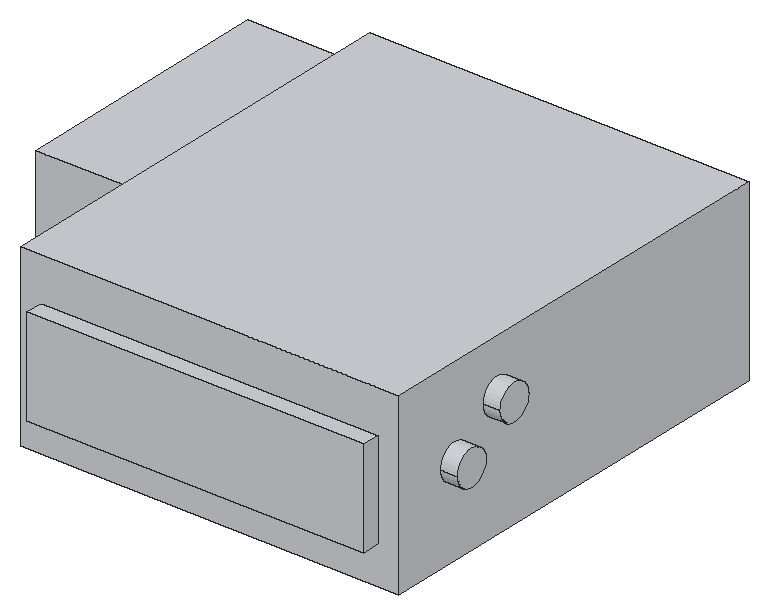
Revit family "1f82b460187c41e49e72b3e3ece65920", category Mechanical Equipment, Revit 2021
Family settings
  Round Connector Dimension = Use Radius
  Part Type = Normal
  OmniClass Number = 23.75.70.17.34
  OmniClass Title = Unit Heaters
  Seek Item ID = Unit Heater - Cabinet - Horizontal Concealed-0000-USA-ENU
  Work Plane-Based = No
  Always vertical = Yes
  Cut with Voids When Loaded = No
  Shared = No
  Room Calculation Point = No
Parameters (values of type "20 MBH")
  Water Supply Temperature [instance] = 200 °F
  Water Pressure Drop [instance] = 50.00 psi
  Water Flow [instance] = 2 GPM
  Outlet Width = Discharge Grille Length  # 18"
  Outlet Height = Discharge Grille Height  # 3"
  Inlet Width = Inlet Grille Length  # 19"
  Inlet Height = Inlet Grille Height  # 5 1/2"
  Inlet Grille Length = 1' - 7"
  Inlet Grille Height = 0' - 5 1/2"
  Inlet Grille Half Length = Inlet Grille Length * 1 / 2  # 0' - 9 1/2"
  Inlet Grille Half Height = Inlet Grille Height * 1 / 2  # 0' - 2 3/4"
  Inlet Radius = 1"
  Inlet Diameter = Inlet Radius * 2  # 2"
  Outlet Radius = 1"
  Outlet Diameter = Outlet Radius * 2  # 2"
  Heating Load [instance] = 20000.0 Btu/h
  Heater Material = none
  Heater Length = 1' - 9 3/8"
  Heater Height = 0' - 10 1/16"
  Discharge Grille Length = 1' - 6"
  Discharge Grille Height = 0' - 3"
  Discharge Grille Half Length = Discharge Grille Length * 1 / 2  # 0' - 9"
  Discharge Grille Half Height = Discharge Grille Height * 1 / 2  # 0' - 1 1/2"
  Default Elevation = 0' - 0"
  Assembly Code = ""
  Air Flow [instance] = 335 CFM
Types (5): name | Water Flow | Outlet Width | Inlet Width | Inlet Grille Length | Inlet Grille Half Length | Heating Load | Heater Length | Discharge Grille Length | Discharge Grille Half Length | Air Flow
  20 MBH | 2 GPM | 18" | 19" | 1' - 7" | 0' - 9 1/2" | 20000.0 Btu/h | 1' - 9 3/8" | 1' - 6" | 0' - 9" | 335 CFM
  80 MBH | 8 GPM | 60" | 62" | 5' - 2" | 2' - 7" | 80000.0 Btu/h | 5' - 3 3/8" | 5' - 0" | 2' - 6" | 1410 CFM
  30 MBH | 3 GPM | 22" | 24" | 2' - 0" | 1' - 0" | 30000.0 Btu/h | 2' - 2 3/8" | 1' - 10" | 0' - 11" | 430 CFM
  40 MBH | 5 GPM | 32" | 34" | 2' - 10" | 1' - 5" | 40000.0 Btu/h | 2' - 11 7/8" | 2' - 8" | 1' - 4" | 630 CFM
  50 MBH | 5 GPM | 40" | 42" | 3' - 6" | 1' - 9" | 50000.0 Btu/h | 3' - 8 3/8" | 3' - 4" | 1' - 8" | 860 CFM
Reference planes (in)
  plane 1 "Center (Front/Back)": y = 0
  plane 2: z = 0
  plane 3 "Center (Left/Right)": x = 0
  plane 4: x = -21.375
  plane 5: y = 24.625
  plane 6: y = 25.625
  plane 7: x = -10.6875
  plane 8: x = -19.6875
  plane 9: x = -1.6875
  plane 10: z = 9.0625
  plane 11: z = 6.0625
  plane 12: y = -1
  plane 13: x = -20.1875
  plane 14: x = -1.1875
  plane 15 "IGH": z = 4.875
  plane 16: z = 7.625
  plane 17: z = 2.125
  plane 18: y = 3.875
  plane 19: y = 6.875
  plane 20: x = 1
  plane 21 "Hydronic Return": z = 7.0625
  plane 22 "Hydronic Supply": z = 5.0625
  plane 23: x = -26.625
  plane 24: y = 22.625
  plane 25: y = 7.625
  plane 26: z = 2.125
  plane 27: z = 9.75
  plane 28: z = 10.0625
  plane 29: y = 7.875
  plane 30: y = 5.875
  plane 31: y = 4.875
  plane 32: y = 2.875
  plane 33 "DGH": z = 7.5625
Forms (in)
  Extrusion 1, solid, material <- "Heater Material"
    sketch origin (0, 0, 0) x (1, 0, 0) y (0, 1, 0)
      loop
        line (-21.375, 24.625) -> (-21.375, 0) -> (0, 0) -> (0, 24.625) -> (-21.375, 24.625)
    from 0 to 10.0625
  Extrusion 2, solid, material <- "Heater Material", detail levels fine
    sketch origin (0, 0, 0) x (1, 0, 0) y (0, 1, 0)
      loop
        line (-19.6875, 25.625) -> (-19.6875, 24.625) -> (-1.6875, 24.625) -> (-1.6875, 25.625) -> (-19.6875, 25.625)
    from 6.0625 to 9.0625
  Extrusion 3, solid, material <- "Heater Material", detail levels fine
    sketch origin (0, 0, 0) x (1, 0, 0) y (0, 1, 0)
      loop
        line (-20.1875, 0) -> (-20.1875, -1) -> (-1.1875, -1) -> (-1.1875, 0) -> (-20.1875, 0)
    from 2.125 to 7.625
  Extrusion 4, solid, material <- "Heater Material", detail levels fine
    sketch origin (0, 0, 0) x (0, 1, 0) y (0, 0, 1)
      loop
        circle (3.875, 5.0625) r 1
    from 0 to 1
  Extrusion 5, solid, material <- "Heater Material", detail levels fine
    sketch origin (0, 0, 0) x (0, 1, 0) y (0, 0, 1)
      loop
        circle (6.875, 7.0625) r 1
    from 0 to 1
  Extrusion 6, solid, material <- "Heater Material"
    sketch origin (0, 0, 0) x (1, 0, 0) y (0, 1, 0)
      loop
        line (-26.625, 22.625) -> (-26.625, 7.625) -> (-21.375, 7.625) -> (-21.375, 22.625) -> (-26.625, 22.625)
    from 2.125 to 9.75
Lines and regions (in)
  symbolic lines
    curve 1: line (-21.375, 24.625, 0) -> (0, 24.625, 0)
    curve 2: line (-26.625, 22.625, 0) -> (-21.375, 22.625, 0)
    curve 3: line (-26.625, 7.625, 0) -> (-26.625, 22.625, 0)
    curve 4: line (-21.375, 7.625, 0) -> (-26.625, 7.625, 0)
  model lines, detail levels coarse+medium
    curve 5: line (0, 3.875, 5.0625) -> (1, 3.875, 5.0625)
    curve 6: line (0, 6.875, 7.0625) -> (1, 6.875, 7.0625)
  model lines, detail levels coarse
    curve 7: line (-10.6875, 24.625, 7.5625) -> (-10.6875, 25.625, 7.5625)
    curve 11: line (-10.6875, 0, 4.875) -> (-10.6875, -1, 4.875)
  model lines, detail levels medium
    curve 8: line (-19.6875, 24.625, 7.5625) -> (-19.6875, 25.625, 7.5625)
    curve 9: line (-1.6875, 24.625, 7.5625) -> (-1.6875, 25.625, 7.5625)
    curve 10: line (-20.1875, 0, 4.875) -> (-20.1875, -1, 4.875)
    curve 12: line (-1.1875, 0, 4.875) -> (-1.1875, -1, 4.875)
Dimensions and locks (in)
  plane 5 to plane 1 "Center (Front/Back)" = 2' - 0 5/8"
  "Heater Length": plane 4 to plane 3 "Center (Left/Right)"
  locked: plane 6 to plane 5 at 1
  equal spacing: plane 4, plane 7, plane 3 "Center (Left/Right)"
  "Discharge Grille Half Length": plane 8 to plane 7
  "Discharge Grille Half Length": plane 7 to plane 9
  "Discharge Grille Height": plane 10 to plane 11
  locked: plane 12 to plane 1 "Center (Front/Back)" at 1
  "Inlet Grille Half Length": plane 13 to plane 7
  "Inlet Grille Half Length": plane 7 to plane 14
  plane 15 "IGH" to level = 0' - 4 7/8"
  "Inlet Grille Half Height": plane 16 to plane 15 "IGH"
  "Inlet Grille Half Height": plane 15 "IGH" to plane 17
  locked: plane 1 "Center (Front/Back)" to plane 18 at 3.875
  locked: plane 3 "Center (Left/Right)" to plane 20 at 1
  locked: plane 21 "Hydronic Return" to plane 22 "Hydronic Supply" at 2
  locked: plane 18 to plane 19 at 3
  locked: plane 23 to plane 4 at 5.25
  locked: plane 5 to plane 24 at 2
  locked: plane 24 to plane 25 at 15
  locked: plane 26 to plane 2 at 2.125
  plane 27 to plane 26 = 0' - 7 5/8"
  "Heater Height": plane 28 to plane 2
  "Outlet Radius": plane 29 to plane 19
  "Outlet Radius": plane 19 to plane 30
  "Inlet Radius": plane 31 to plane 18
  "Inlet Radius": plane 18 to plane 32
  equal spacing: plane 10, plane 33 "DGH", plane 11
  plane 21 "Hydronic Return" to plane 16 = 0' - 0 9/16"
  locked: plane 28 to plane 21 "Hydronic Return" at 3
  locked: plane 17 to plane 2 at 2.125
  locked: plane 28 to plane 10 at 1
  "Inlet Radius": radius of Extrusion 4 sketch curve
  "Outlet Radius": radius of Extrusion 5 sketch curve
  aligned and locked: plane 5 to Extrusion 1
  aligned and locked: plane 1 "Center (Front/Back)" to Extrusion 1
  aligned and locked: Extrusion 1 to plane 4
  aligned and locked: Extrusion 2 to plane 5
  aligned and locked: plane 6 to Extrusion 2
  aligned and locked: plane 9 to Extrusion 2
  aligned and locked: plane 8 to Extrusion 2
  aligned and locked: plane 10 to Extrusion 2
  aligned and locked: Extrusion 2 to plane 11
  aligned and locked: Extrusion 2 to plane 6
  aligned and locked: Extrusion 3 to plane 1 "Center (Front/Back)"
  aligned and locked: Extrusion 3 to plane 12  (x3)
  aligned and locked: Extrusion 3 to plane 13
  aligned and locked: plane 16 to Extrusion 3
  aligned and locked: plane 17 to Extrusion 3
  aligned and locked: plane 18 to Extrusion 4 sketch curve
  aligned and locked: plane 20 to Extrusion 4
  aligned and locked: plane 22 "Hydronic Supply" to Extrusion 4 sketch curve
  aligned and locked: plane 21 "Hydronic Return" to Extrusion 5 sketch curve
  aligned and locked: plane 19 to Extrusion 5 sketch curve
  aligned and locked: plane 20 to Extrusion 5
  aligned and locked: Extrusion 5 to plane 3 "Center (Left/Right)"
  aligned and locked: Extrusion 4 to plane 3 "Center (Left/Right)"
  aligned and locked: plane 4 to Extrusion 6
  aligned and locked: plane 24 to Extrusion 6
  aligned and locked: Extrusion 6 to plane 23
  aligned and locked: Extrusion 6 to plane 26
  aligned and locked: plane 27 to Extrusion 6
  aligned and locked: plane 28 to Extrusion 1
  aligned and locked: Extrusion 1 to plane 2
  aligned and locked: curve 1 to plane 5
  aligned and locked: plane 25 to curve 4
  aligned and locked: curve 2 to plane 24
  aligned and locked: plane 23 to curve 3
  aligned and locked: curve 5 to plane 18
  aligned and locked: curve 8 to plane 8
  aligned and locked: plane 9 to curve 9
  aligned and locked: curve 10 to plane 13
  aligned and locked: plane 14 to curve 12
  aligned and locked: plane 7 to curve 11
Automatic sketch dimensions
  Extrusion 1 sketch curve to plane 1 "Center (Front/Back)" = 0' - 0"
  Extrusion 1 sketch curve to plane 5 = 0' - 0"
  Extrusion 1 sketch curve to plane 3 "Center (Left/Right)" = 0' - 0"
  Extrusion 1 sketch curve to plane 4 = 0' - 0"
  Extrusion 2 sketch curve to plane 6 = 0' - 1"
  plane 4 to Extrusion 2 sketch curve = 0' - 1 11/16"
  Extrusion 2 sketch curve to plane 3 "Center (Left/Right)" = 0' - 1 11/16"
  Extrusion 2 sketch curve to Extrusion 2 sketch curve = 0' - 1"
  plane 1 "Center (Front/Back)" to Extrusion 3 sketch curve = 0' - 1"
  plane 8 to Extrusion 3 sketch curve = 0' - 0 1/2"
  plane 9 to Extrusion 3 sketch curve = 0' - 0 1/2"
  Extrusion 3 sketch curve to plane 1 "Center (Front/Back)" = 0' - 0"
  plane 18 to Extrusion 6 sketch curve = 0' - 3 3/4"
  Extrusion 6 sketch curve to plane 23 = 0' - 0"
  plane 23 to Extrusion 6 sketch curve = 0' - 5 1/4"
  Extrusion 6 sketch curve to plane 6 = 0' - 3"
  curve 5 to plane 20 = 0' - 0"
  curve 5 to plane 3 "Center (Left/Right)" = 0' - 0"
  curve 6 to plane 20 = 0' - 0"
  curve 6 to plane 3 "Center (Left/Right)" = 0' - 0"
  curve 7 to plane 6 = 0' - 0"
  curve 8 to plane 6 = 0' - 0"
  curve 9 to plane 6 = 0' - 0"
  curve 9 to plane 5 = 0' - 0"
  curve 8 to plane 5 = 0' - 0"
  curve 7 to plane 5 = 0' - 0"
  curve 7 to plane 7 = 0' - 0"
  curve 10 to plane 12 = 0' - 0"
  curve 11 to plane 12 = 0' - 0"
  curve 12 to plane 12 = 0' - 0"
  curve 12 to plane 1 "Center (Front/Back)" = 0' - 0"
  curve 10 to plane 1 "Center (Front/Back)" = 0' - 0"
  curve 11 to plane 1 "Center (Front/Back)" = 0' - 0"
  curve 1 to plane 3 "Center (Left/Right)" = 0' - 0"
  curve 2 to plane 4 = 0' - 0"
  curve 4 to plane 4 = 0' - 0"
  curve 1 to plane 4 = 0' - 0"
  curve 6 to plane 19 = 0' - 0"
Connectors (in)
  piping at (1, 6.875, 7.0625), diameter 2, driven by "Water Flow", driven by "Outlet Radius", driven by "Water Pressure Drop"
    settings: on Extrusion 5, index 1, connector inside diameter 2", connector length 0' - 0", flow factor 0, pipe flow 2 GPM, pressure drop 50.00 psi, fitting loss kfactor 0, connector angle 0.00°, fixture units 0, engagement length 0' - 0", angle of deflection 0.00°, flow configuration 1, flow direction 2, fitting loss method 4, system type 8, joint type 0, gender type 0, connector reference index 2, connector utility 0, adjustable connector no, is connector primary yes, connector description "Water Out"
  piping at (1, 3.875, 5.0625), diameter 2, driven by "Water Flow", driven by "Inlet Radius"
    settings: on Extrusion 4, index 2, connector inside diameter 2", connector length 0' - 0", flow factor 0, pipe flow 2 GPM, pressure drop 0.00 psi, fitting loss kfactor 0, connector angle 0.00°, fixture units 0, engagement length 0' - 0", angle of deflection 0.00°, flow configuration 1, flow direction 1, fitting loss method 0, system type 7, joint type 0, gender type 0, connector reference index 1, connector utility 0, adjustable connector no, is connector primary no, connector description "Water In"
  hvac at (-10.6875, 25.625, 7.5625), driven by "Air Flow", driven by "Outlet Height", driven by "Outlet Width"
    settings: on Extrusion 2, index 3, duct flow 335 CFM, flow factor 0, pres drop 0.00 in-wg, loss coef 0, conn angle 0.00°, conn width 18", conn height 3", conn diameter 24", duct sys type 1, conn prof type 1, flow config 0, flow direction 2, loss method 0, conn ref index 4, conn util no, is conn primary yes, conn desc ""
  hvac at (-10.6875, -1, 4.875), driven by "Air Flow", driven by "Inlet Height", driven by "Inlet Width"
    settings: on Extrusion 3, index 4, duct flow 335 CFM, flow factor 0, pres drop 0.00 in-wg, loss coef 0, conn angle 0.00°, conn width 19", conn height 5 1/2", conn diameter 24", duct sys type 2, conn prof type 1, flow config 0, flow direction 1, loss method 0, conn ref index 3, conn util no, is conn primary no, conn desc ""
